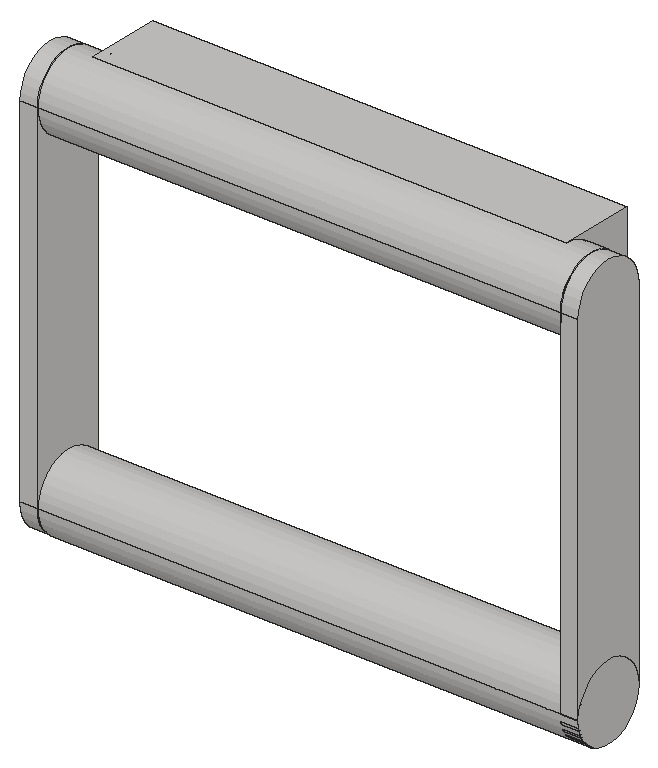
Revit family "KEUCO_14961010000", category Sonderausstattung, Revit 2016
Family settings
  Teiletyp = Normal
  Bemaßung runder Anschluss = Durchmesser verwenden
  Arbeitsebenenbasiert = Nein
  Immer vertikal = Ja
  Beim Laden mit Abzugskörper schneiden = Nein
  Gemeinsam genutzt = Nein
  Raumberechnungspunkt = Nein
Parameters
  Verwendung = "GWC / WC"  # constant formula
  URL = "https://www.keuco.com"
  Serie = "Plan"  # constant formula
  Preisgruppe = "1"  # constant formula
  Material Papierhalter [instance] = Edelstahl
  Materialien bei Hersteller anfragen = "Anfrage zu:  objektmanagement@keuco.de"
  Kategorie = "ACC"  # constant formula
  Hersteller = "KEUCO"  # constant formula
  Gewicht = 382
  Description = "--"
  Ausschreibungstext = ""
  Artikelnummer = "14961010000"
Types (4, lengths in mm): name | URL | Material Papierhalter | Materialien bei Hersteller anfragen | Description | Ausschreibungstext | Artikelnummer
  (no name) | "https://www.keuco.com" | Edelstahl | "Anfrage zu:  objektmanagement@keuco.de" | "--" | "" | "14961010000"
  14961010000 | "https://www.keuco.com/de/produkte/sortiment/artikel/?pid=14961&oid=2&pgo=14&country=de&lang=de&vid=14961010000" | Verchromt | "Request to:  objektmanagement@keuco.de" | "für Rollenbreite 100/120 mm" | "KEUCO PLAN Toilettenpapierhalter 14961010000\r\nHochglanzverchromter Toilettenpapierhalter \r\nin ästhetischem, funktionalem Design, \r\ngeschlossene Ausführung\r\nfür Rollenbreite 100/120 mm\r\n2-fach diebstahlgesichert \r\nfür Montage im öffentlichen Bereich\r\nBreite 135 mm, Höhe 105 mm, Ausladung 27 mm\r\nDer Toilettenpapierhalter wird verdeckt angebracht\r\nLieferung inkl. korrosionsfreiem Befestigungsmaterial" | "14961010000"
  14961070000 | "https://www.keuco.com/de/produkte/sortiment/artikel/?pid=14961&oid=2&pgo=14&country=de&lang=de&vid=14961070000" | Edelstahl | "Request to:  objektmanagement@keuco.de" | "für Rollenbreite 100/120 mm" | "KEUCO PLAN Toilettenpapierhalter 14961070000\r\nToilettenpapierhalter aus hochwertigem Edelstahl \r\nin ästhetischem, funktionalem Design, \r\ngeschlossene Ausführung\r\nfür Rollenbreite 100/120 mm\r\n2-fach diebstahlgesichert \r\nfür Montage im öffentlichen Bereich\r\nBreite 135 mm, Höhe 105 mm, Ausladung 27 mm\r\nDer Toilettenpapierhalter wird verdeckt angebracht\r\nLieferung inkl. korrosionsfreiem Befestigungsmaterial" | "14961070000"
  14961170000 | "https://www.keuco.com/de/produkte/sortiment/artikel/?pid=14961&oid=2&pgo=14&country=de&lang=de&vid=14961170000" | Aluminium silber-eloxiert (E6 EV1) | "Request to:  objektmanagement@keuco.de" | "für Rollenbreite 100/120 mm" | "KEUCO PLAN Toilettenpapierhalter 14961170000\r\nToilettenpapierhalter aus silber-eloxiertem Aluminium (E6 EV1)/verchromt\r\nin ästhetischem, funktionalem Design, \r\ngeschlossen Ausführung\r\nfür Rollenbreite 100/120 mm \r\n2-fach diebstahlgesichert \r\nfür Montage im öffentlichen Bereich\r\nDie Wandhalterung ist als Design-Element hochglanzverchromt\r\nBreite 135 mm, Höhe 105 mm, Ausladung 27 mm\r\nDer Toilettenpapierhalter wird verdeckt angebracht\r\nLieferung inkl. korrosionsfreiem Befestigungsmaterial" | "14961170000"
Reference planes
  plane 1 "Center (Front/Back)": y = 0
  plane 2: z = 0
  plane 3 "Center (Left/Right)": x = 0
  plane 4: y = -27.061
  plane 5: z = -105.139
  plane 6: x = -67.5
  plane 7: x = 67.5
  plane 8: z = -18.281
  plane 9: x = -57.273
  plane 10: x = 57.5
Forms (mm)
  Extrusion 1, solid, material "Edelstahl" <- "Material Papierhalter"
    sketch origin (0, 0, 0) x (0, 1, 0) y (0, 0, 1)
      loop
        line (0, -18.281) -> (0, 0) -> (-18.125, 0)
        arc (-18.125, 0) -> (-8.984, -9.141) -> (-18.125, -18.281) r 9.141
        line (-18.125, -18.281) -> (0, -18.281)
    from -57.273 to 57.5
  Extrusion 2, solid, material "Edelstahl" <- "Material Papierhalter"
    sketch origin (0, 0, 0) x (0, 1, 0) y (0, 0, 1)
      loop
        circle (-18.125, -9.141) r 9.141
    from -63.244 to 63.244
  Extrusion 3, solid, material "Edelstahl" <- "Material Papierhalter"
    sketch origin (0, 0, -86.858) x (0, 1, 0) y (0, 0, 1)
      loop
        circle (-18.125, -9.141) r 9.141
    from -63.244 to 67.5
  Extrusion 4, solid, material "Edelstahl" <- "Material Papierhalter"
    sketch origin (0, 0, 0) x (0, 1, 0) y (0, 0, 1)
      loop
        arc (-8.984, -9.141) -> (-18.125, 0) -> (-27.266, -9.141) r 9.141
        line (-27.266, -9.141) -> (-27.266, -95.998)
        arc (-27.266, -95.998) -> (-18.125, -105.139) -> (-8.984, -95.998) r 9.141
        line (-8.984, -95.998) -> (-8.984, -9.141)
    from -67.5 to -63.244
  Extrusion 5, solid, material "Edelstahl" <- "Material Papierhalter"
    sketch origin (1.25, 0, 0) x (0, 1, 0) y (0, 0, -1)
      loop
        line (-8.984, 9.141) -> (-8.984, 95.998)
        arc (-8.984, 95.998) -> (-18.125, 105.139) -> (-27.266, 95.998) r 9.141
        line (-27.266, 95.998) -> (-27.266, 9.141)
        arc (-27.266, 9.141) -> (-18.125, 0) -> (-8.984, 9.141) r 9.141
    from -66.25 to -61.994
Lines and regions (mm)
  symbolic lines
    curve 1: line (-57.273, 0, 0) -> (57.5, 0, 0)
    curve 2: line (57.5, 0, 0) -> (57.5, -8.984, 0)
    curve 3: line (-67.5, -8.984, 0) -> (67.5, -8.984, 0)
    curve 4: line (67.5, -8.984, 0) -> (67.5, -27.266, 0)
    curve 5: line (67.5, -27.266, 0) -> (-67.5, -27.266, 0)
    curve 6: line (-67.5, -27.266, 0) -> (-67.5, -8.984, 0)
    curve 7: line (-57.273, -8.984, 0) -> (-57.273, 0, 0)
Dimensions and locks
  locked: plane 4 to plane 1 "Center (Front/Back)" at 27.061
  plane 2 to plane 5 = 105.139 mm
  equal spacing: plane 6, plane 3 "Center (Left/Right)", plane 7
  plane 6 to plane 7 = 135 mm
  level to plane 8 = 18.281 mm
  locked: plane 7 to plane 10 at 10
  locked: plane 9 to plane 6 at 10.227
  locked: Extrusion 4 to plane 6 at 4.256
  aligned and locked: level to plane 2
  aligned and locked: Extrusion 1 to plane 9
  aligned and locked: plane 10 to Extrusion 1
  aligned and locked: Extrusion 4 to plane 6
  aligned and locked: Extrusion 2 to Extrusion 4
  aligned and locked: Extrusion 2 to Extrusion 3
  aligned and locked: plane 7 to Extrusion 3
Automatic sketch dimensions
  curve 3 to plane 6 = 0 mm
  curve 7 to plane 9 = 0 mm
  plane 1 "Center (Front/Back)" to curve 2 = 0 mm
  curve 2 to plane 10 = 0 mm
  curve 3 to plane 7 = 0 mm
  plane 1 "Center (Front/Back)" to curve 3 = 8.984 mm
  curve 5 to plane 4 = 0.205 mm
  Extrusion 1 sketch curve to plane 8 = 0 mm  (x2)
  Extrusion 1 sketch curve to level = 0 mm  (x2)
  Extrusion 1 sketch curve to plane 1 "Center (Front/Back)" = 0 mm
  plane 4 to Extrusion 1 sketch curve = 8.936 mm
  Extrusion 1 sketch curve to Extrusion 1 sketch curve = 0 mm  (x2)
  plane 4 to Extrusion 2 sketch curve = 8.936 mm
  Extrusion 2 sketch curve to level = 9.141 mm
  plane 4 to Extrusion 3 sketch curve = 8.936 mm
  plane 5 to Extrusion 3 sketch curve = 9.141 mm
  Extrusion 4 sketch curve to plane 4 = 0.205 mm
  plane 4 to Extrusion 4 sketch curve = 8.936 mm
  plane 5 to Extrusion 4 sketch curve = 9.141 mm
  Extrusion 4 sketch curve to level = 9.141 mm
  Extrusion 5 sketch curve to plane 4 = 0.205 mm
  plane 4 to Extrusion 5 sketch curve = 8.936 mm
  Extrusion 5 sketch curve to level = 9.141 mm
  plane 5 to Extrusion 5 sketch curve = 9.141 mm
  radius of Extrusion 2 sketch curve = 9.141 mm
  radius of Extrusion 3 sketch curve = 9.141 mm
